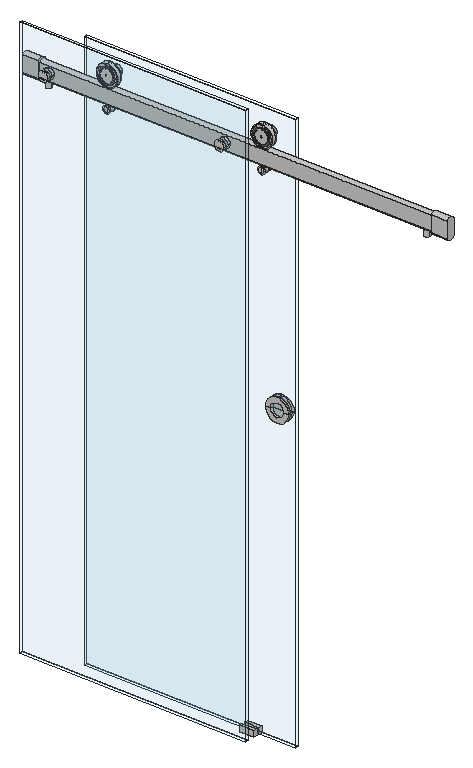
Revit family "Doors_Sliding-Doors_Krownlab_Rorik_Alcove-Sliding-Doors1", category Specialty Equipment, Revit 2017
Family settings
  Round Connector Dimension = Use Diameter
  Part Type = Normal
  OmniClass Number = 23.30.10.24.17
  OmniClass Title = Other Special Purpose Doors
  Work Plane-Based = No
  Always vertical = Yes
  Cut with Voids When Loaded = No
  Shared = No
  Room Calculation Point = No
Parameters (values of type "60 x 80")
  Warning Note Visibility [instance] = yes
  Warning Note [instance] = and(Warning Note Visibility, or(Clear Opening Width > 40", Moving Panel Width > Fixed Panel Width))  # no
  URL = "www.krownlab.com/rorik"
  Track Head Clearance = Moving Panel Height - Roller Distance from Top of Panel - 3 3/4" + 3/8"  # 73 1/4"
  Side-lite Width Control = if([Side-lite Width] = 0", 1", [Side-lite Width] - 1/8")  # 1"
  Side-lite Width = 0"
  Side-lite Overlap = 0"
  Side-lite Outside [instance] = and([Side-lite], Moving Panel Inside)  # no
  Side-lite Inside [instance] = and([Side-lite], Moving Panel Outside)  # no
  Side-lite = [Side-lite Width] > 0"  # no
  Shower Enclosure Width Maximum = "Up to 145” wall to wall"  # constant formula
  Roller Distance Note = if(Roller Distance from Top of Panel < 3", "Minimum 3 Inch distance between top of system and center of roller is required", "Roller Distance from Top Panel Accepted")  # "Roller Distance from Top Panel Accepted"
  Roller Distance from Top of Panel = 3"
  Thcknss_Cntrl = if(Panel Thickness < 3/8", 3/8", if(Panel Thickness > 1/2", 1/2", Panel Thickness))  # 1/2"
  Standard Glass Weights = "3/8” glass weighs ~5lb/sf. ½” glass weighs ~6.5lb/sf"  # constant formula
  Sliding Door System Finish [instance] = Metal - Krownlab - Brushed Stainless
  Shower Enclosure Width = 60"
  Product data url = "https://www.bimobject.com/en-us/krownlab/product/krownlab_rorik"
  Product Guid = "81050c2b-4abd-41d7-b6a0-dd9f5f50d341"
  Panel Weight Warning = Glass Weight Calculation > Maximum Panel Weight  # no
  Panel Thickness = 1/2"
  Panel Size Availability = if(Glass Weight Calculation > Maximum Panel Weight, "Panel size is overweight.", if(Shower Enclosure Width < 46", "Minimum Width of 46 Inches", "Available"))  # "Available"
  Panel Area = Moving Panel Width * Moving Panel Height  # 16.5194 SF
  Moving Panel Projection = 0"
  Moving Panel Outside [instance] = not(Moving Panel Inside)  # no
  Opnng_Dstnc [instance] = if([Opened (%)] < 0, 0", if([Opened (%)] > 100, 0", if(Fixed Panel Width > Moving Panel Width, (Moving Panel Width - Center Overlap - Moving Panel Projection) * (0.01 * [Opened (%)]), (Fixed Panel Width - Center Overlap) * (0.01 * [Opened (%)]))))  # 22.3"
  Moving Panel Width = if([Side-lite], Clear Opening Width + Center Overlap + Moving Panel Projection + [Side-lite Overlap], Clear Opening Width + Center Overlap + Moving Panel Projection + [Side-lite Overlap] - 1/8")  # 29 7/8"
  Moving Panel Height Reduction = 0"
  Moving Panel Height Extension = 0"
  Moving Panel Height = Fixed Panel Height - 3/8" + Moving Panel Height Extension - Moving Panel Height Reduction  # 79 5/8"
  Model = "Rorik Alcove Sliding Door Shower System"
  Maximum Panel Weight = 150.00 lbf  # constant formula
  Manufacturer = "Krownlab"
  Moving Panel Inside [instance] = yes
  Glazing Material [instance] = Glass - Krownlab - Clear Glass
  Glass Weight Calculation = if(Thcknss_Cntrl = 1/2", (Panel Area / 1.00 SF) * 6.50 lbf, if(Thcknss_Cntrl = 3/8", (Panel Area / 1.00 SF) * 5.00 lbf, 0.00 lbf))  # 107.376 lbf
  Fixed Panel Width = Shower Enclosure Width - Clear Opening Width - 1/8" - [Side-lite Width] - Moving Panel Projection  # 31 7/8"
  Fixed Panel Height = 80"
  Edition number = 2
  Edge to Door Pull Center [instance] = 2 1/2"
  Opened (%) [instance] = 80
  Door Pull Option [instance] = Door Pull : Ebba
  Door Pull Finish [instance] = Metal - Krownlab - Brushed Stainless
  Description = "A completely customizable frameless glass sliding door shower system with adjustment features at wall, fixed panel, and door panel attachment points, configurable with up to ADA-compliant 36” clear openings. Made in the USA from high-grade stainless steel and billet aluminum."  # constant formula
  Contact Krownlab = "support@krownlab.com"
  Clear Opening Width Maximum = "Up to 40”"  # constant formula
  Clear Opening Width = 28"
  Clear Opening Note = if(Clear Opening Width > 40", "Clear Opening Width is invalid. Maximum allowed value is 40”", if(Moving Panel Width > Fixed Panel Width, "Clear Opening Width is invalid. Please refer to Actual Clear Opening Width parameter.", "Clear Opening Width Accepted"))  # "Clear Opening Width Accepted"
  Center Overlap Note = if(Center Overlap < 2", "Minimum 2 Inch Center Overlap is Required", "Overlap Accepted")  # "Overlap Accepted"
  Center Overlap = 2"
  Bottom Edge to Door Pull Center [instance] = 42"
  Assembly Code = "C1020"
  Actual Clear Opening Width = if(Moving Panel Width > Fixed Panel Width, Clear Opening Width - (Moving Panel Width - Fixed Panel Width), if(and([Side-lite], Moving Panel Width > Fixed Panel Width), Clear Opening Width - (Moving Panel Width - Fixed Panel Width) - 1/8", if([Side-lite], Clear Opening Width, Clear Opening Width)))  # 28"
Types (5): name | Side-lite Width Control | Side-lite Width | Side-lite Overlap | Side-lite Outside | Side-lite | Thcknss_Cntrl | Shower Enclosure Width | Panel Thickness | Panel Area | Opnng_Dstnc | Moving Panel Width | Glass Weight Calculation | Fixed Panel Width | Clear Opening Width | Actual Clear Opening Width
  (no name) | 1" | 0" | 0" | no | no | 1/2" | 60" | 1/2" | 16.5194 SF | 22.3" | 29 7/8" | 107.376 lbf | 31 7/8" | 28" | 28"
  78 x 80 | 1" | 0" | 0" | no | no | 1/2" | 78" | 1/2" | 22.0489 SF | 30.3" | 39 7/8" | 143.318 lbf | 39 7/8" | 38" | 38"
  72 x 80 | 1" | 0" | 0" | no | no | 1/2" | 72" | 1/2" | 19.8371 SF | 27.1" | 35 7/8" | 128.941 lbf | 37 7/8" | 34" | 34"
  60 x 80 | 1" | 0" | 0" | no | no | 1/2" | 60" | 1/2" | 16.5194 SF | 22.3" | 29 7/8" | 107.376 lbf | 31 7/8" | 28" | 28"
  Create a Custom Size | 31 7/8" | 32" | 2" | yes | yes | 3/8" | 108" | 3/8" | 21.5651 SF | 29.6" | 39" | 107.826 lbf | 40 7/8" | 35" | 35"
Reference planes (in)
  plane 1 "Center (Front/Back)": y = 0
  plane 2: z = 0
  plane 3 "Center (Left/Right)": x = 0
  plane 4: z = 0.375
  plane 5 "Left": x = -29.875
  plane 6 "Right": x = 29.875
  plane 7: z = 74.38753
  plane 8: z = 80
  plane 9 "Opening": x = 7.575
  plane 10 "L": x = -30
  plane 11 "R": x = 30
  plane 12: x = -27.781
  plane 13: x = 27.781
  plane 14: y = 0.6875
  plane 15: z = 72.41202
  plane 16: z = 73.24563
  plane 17 "Arr0w": x = 14.9375
  plane 18 "Arroww": z = 40
  plane 19: z = 77
  plane 20: x = 2
  plane 21: x = 0
  plane 22: x = 29.875
  plane 23: z = 80
  plane 24: z = 42.375
  plane 25: x = 5.075
  plane 26: x = 29.875
Forms (in)
  Sweep 1, solid, material "Metal - Krownlab - Brushed Stainless" <- "Sliding Door System Finish", detail levels medium+fine
    path origin (0, 0, 0) x (1, 0, 0) y (0, 0, 1)
      loop
        line (-27.781, 74.38753) -> (27.781, 74.38753)
    profile origin (0, 0, 74.38753) x (0, 0, 1) y (0, -1, 0)
      loop
        line (-1.02759, -1.09375) -> (1.01196, -1.09375)
        arc (1.01196, -1.09375) -> (1.21778, -0.6875) -> (1.01196, -0.28125) r 0.50385
        line (1.01196, -0.28125) -> (-1.02759, -0.28125)
        arc (-1.02759, -0.28125) -> (-1.23341, -0.6875) -> (-1.02759, -1.09375) r 0.50385
  Extrusion 2, solid, material "Metal - Krownlab - Brushed Stainless" <- "Sliding Door System Finish", detail levels medium+fine
    sketch origin (0, 0, 0) x (0, 1, 0) y (0, 0, 1)
      loop
        arc (1.24, 75.52147) -> (0.6875, 75.79009) -> (0.135, 75.52147) r 0.7025
        line (0.135, 75.52147) -> (0.135, 73.23668)
        arc (0.135, 73.23668) -> (0.6875, 72.96806) -> (1.24, 73.23668) r 0.7025
        line (1.24, 73.23668) -> (1.24, 75.52147)
    from -30 to -27.781
  Extrusion 3, solid, material "Metal - Krownlab - Brushed Stainless" <- "Sliding Door System Finish", detail levels medium+fine
    sketch origin (0, 0, 3.5) x (0, 1, 0) y (0, 0, 1)
      loop
        arc (1.24, 72.02147) -> (0.6875, 72.29009) -> (0.135, 72.02147) r 0.7025
        line (0.135, 72.02147) -> (0.135, 69.73668)
        arc (0.135, 69.73668) -> (0.6875, 69.46806) -> (1.24, 69.73668) r 0.7025
        line (1.24, 69.73668) -> (1.24, 72.02147)
    from 27.781 to 30
  Sweep 4, solid, material "Metal - Krownlab - Brushed Stainless" <- "Sliding Door System Finish", detail levels coarse
    path origin (0, 0, 0) x (1, 0, 0) y (0, 0, 1)
      loop
        line (-30, 74.41016) -> (30, 74.41016)
    profile origin (0, 0, 74.41016) x (0, 0, 1) y (0, -1, 0)
      loop
        line (1.11328, -0.135) -> (-1.16453, -0.135) -> (-1.16453, -1.24) -> (1.11328, -1.24) -> (1.11328, -0.135)
  Extrusion 5, solid, material "Metal - Krownlab - Brushed Stainless" <- "Sliding Door System Finish", detail levels medium+fine
    sketch origin (0, 0, 0) x (1, 0, 0) y (0, 1, 0)
      loop
        circle (-26.72811, 0.67597) r 0.35337
    from 72.41202 to 73.24563
  Extrusion 6, solid, material "Metal - Krownlab - Brushed Stainless" <- "Sliding Door System Finish", detail levels medium+fine
    sketch origin (0, 0, 0) x (-1, 0, 0) y (0, -1, 0)
      loop
        circle (-26.72811, -0.67597) r 0.35337
    from 72.41202 to 73.24563
Cuts and joins
  joined: Sweep 1, Extrusion 5, Extrusion 6
Lines and regions (in)
  symbolic lines, style "SpecialityEquipmentHiddenLines"
    curve 1: line (-30, 1.24, 0) -> (30, 1.24, 0)
    curve 2: line (-30, 0.135, 0) -> (-30, 1.24, 0)
    curve 3: line (30, 0.135, 0) -> (-30, 0.135, 0)
    curve 4: line (30, 1.24, 0) -> (30, 0.135, 0)
Dimensions and locks (in)
  plane 4 to plane 2 = 3/8"
  "Fixed Panel Height": plane 8 to plane 2
  plane 12 to plane 5 "Left" to plane 10 "L" = 2.094" locked, 1/8" locked
  plane 11 "R" to plane 6 "Right" to plane 13 = 1/8" locked, 2.094" locked
  plane 14 to plane 1 "Center (Front/Back)" = 11/16"
  Sweep 4 sketch curve to plane 14 to Sweep 4 sketch curve = 0.5525" locked, 0.5525" locked
  Sweep 4 sketch curve to plane 7 to Sweep 4 sketch curve = 1.1419" locked, 1.13591" locked
  Extrusion 2 sketch curve to plane 14 to Extrusion 2 sketch curve = 0.5525" locked, 0.5525" locked
  Extrusion 3 sketch curve to plane 14 to Extrusion 3 sketch curve = 0.5525" locked, 0.5525" locked
  Sweep 1 sketch curve to plane 14 to Sweep 1 sketch curve = 13/32" locked, 13/32" locked
  plane 7 to plane 16 to plane 15 = 1.1419" locked, 0.83362" locked
  locked: plane 1 "Center (Front/Back)" to Extrusion 6 sketch curve at 0.67597
  locked: plane 5 "Left" to Extrusion 5 sketch curve at 3.14689
  locked: plane 1 "Center (Front/Back)" to Extrusion 5 sketch curve at 0.67597
  locked: Extrusion 6 sketch curve to plane 6 "Right" at 3.14689
  equal spacing: plane 8, plane 18 "Arroww", plane 2
  locked: plane 19 to plane 7 at 2.61247
  "Roller Distance from Top of Panel": plane 23 to plane 19
  "Fixed Panel Width": plane 20 to plane 5 "Left"
  "Center Overlap": plane 20 to plane 21
  "Moving Panel Width": plane 22 to plane 21
  "Shower Enclosure Width": plane 11 "R" to plane 10 "L"
  equal spacing: plane 11 "R", plane 3 "Center (Left/Right)", plane 10 "L"
  equal spacing: plane 22, plane 17 "Arr0w", plane 21
  "Moving Panel Height": plane 23 to plane 4
  "Bottom Edge to Door Pull Center": plane 24 to plane 4
  "Edge to Door Pull Center": plane 9 "Opening" to plane 25
  locked: plane 26 to plane 22
  "Opnng_Dstnc": plane 26 to plane 9 "Opening"
  aligned and locked: plane 2 to level
  aligned and locked: plane 4 to nested 2
  aligned and locked: plane 2 to nested 1
  aligned and locked: nested 1 to plane 5 "Left"
  aligned and locked: plane 7 to Sweep 1 sketch curve
  aligned and locked: Extrusion 2 to plane 10 "L"
  aligned and locked: plane 12 to Extrusion 2
  aligned and locked: plane 12 to Sweep 1 sketch curve
  aligned and locked: plane 13 to Sweep 1 sketch curve
  aligned and locked: Extrusion 3 to plane 11 "R"
  aligned and locked: Extrusion 3 to plane 13
  aligned and locked: plane 10 "L" to Sweep 4 sketch curve
  aligned and locked: Sweep 4 sketch curve to nested 1
  aligned and locked: plane 11 "R" to Sweep 4 sketch curve
  aligned and locked: nested 1 to plane 1 "Center (Front/Back)"
  aligned and locked: plane 15 to Extrusion 5
  aligned and locked: Extrusion 5 to plane 16
  aligned and locked: plane 15 to Extrusion 6
  aligned and locked: Extrusion 6 to plane 16
  aligned and locked: plane 10 "L" to curve 2
  aligned and locked: plane 11 "R" to curve 4
  aligned and locked: plane 17 "Arr0w" to nested 3
  aligned and locked: plane 17 "Arr0w" to nested 4
  aligned and locked: plane 18 "Arroww" to nested 4
  aligned and locked: nested 1 to plane 14
  aligned and locked: level to nested 5
  aligned and locked: nested 2 to plane 21
  aligned and locked: nested 5 to plane 21
  aligned and locked: plane 6 "Right" to nested 6
  aligned and locked: level to nested 6
  aligned and locked: nested 6 to plane 14
  aligned and locked: nested 7 to plane 14
  aligned and locked: plane 4 to nested 7
  aligned and locked: plane 9 "Opening" to nested 7
  aligned and locked: plane 25 to nested 8
  aligned and locked: plane 25 to nested 9
  aligned and locked: plane 24 to nested 9
  aligned and locked: plane 24 to nested 8
  aligned and locked: plane 3 "Center (Left/Right)" to nested 10
  aligned and locked: plane 3 "Center (Left/Right)" to nested 11
Automatic sketch dimensions
  profile plane to Sweep 1 sketch curve = 1.02759"
  Sweep 1 sketch curve to Sweep 1 sketch curve = 0"
  Sweep 1 sketch curve to Sweep 1 sketch curve = 0.29803"  (x3)
  Sweep 1 sketch curve to profile plane = 0.71393"
  Extrusion 2 sketch curve to plane 14 = 0"  (x2)
  plane 16 to Extrusion 2 sketch curve = 0.00895"
  Extrusion 2 sketch curve to plane 16 = 0.42492"
  Extrusion 2 sketch curve to plane 7 = 0.70007"
  Extrusion 2 sketch curve to Extrusion 2 sketch curve = 0.43388"
  Extrusion 3 sketch curve to plane 14 = 0"  (x2)
  plane 16 to Extrusion 3 sketch curve = 0.00895"
  Extrusion 3 sketch curve to plane 16 = 0.42492"
  Extrusion 3 sketch curve to plane 7 = 0.70007"
  Extrusion 3 sketch curve to Extrusion 3 sketch curve = 0.43388"
  curve 1 to plane 14 = 0.5525"
  curve 3 to plane 1 "Center (Front/Back)" = 0.135"
  radius of Extrusion 5 sketch curve = 0.35337"
  radius of Extrusion 6 sketch curve = 0.35337"
Nested families (in)
  nested 1: "Krownlab Rorik Fixed Panel" at (-13.9375, -0.5, 0), Panel Width <- "Fixed Panel Width", Panel Thickness <- "Thcknss_Cntrl", Fixed Panel Height <- "Fixed Panel Height", Guide Hardware <- "Sliding Door System Finish", Handpull <- "Door Pull Finish", Mount System Finish <- "Sliding Door System Finish", Panel Material <- "Glazing Material", Inside Moving Panel <- "Moving Panel Inside", Outside Moving Panel <- "Moving Panel Outside", type "Rorik Panel"
    with Trolley Distance from Edge 3 1/2", Panel Width 31 7/8", Panel Thickness 1/2", Panel Material Glass - Krownlab - Clear Glass, Outside Moving Panel no, Mount System Finish Metal - Krownlab - Brushed Stainless, Inside Moving Panel yes, Handpull Metal - Krownlab - Brushed Stainless, Guide Hardware Metal - Krownlab - Brushed Stainless, Fixed Panel Height 80", Moving Panel Height 79 5/8"
  nested 2: "Krownlab Bottom Guides" at (0, -0.02651, 0), Guide Hardware <- "Sliding Door System Finish", visible <- "Moving Panel Outside", type "Rorik Panel"
    with Guide Hardware Metal - Krownlab - Brushed Stainless
  nested 3: "Opening Direction Detail" at (14.9375, -2.66667, 0) x (-1, 0, 0) z (0, 0, 1), type "Opening Direction Detail"
  nested 4: "Opening Direction Detail" at (14.9375, 0, 40) x (-1, 0, 0) z (0, -1, 0), type "Opening Direction Detail"
  nested 5: "Krownlab Bottom Guides" at (0, 1.91115, 0), Guide Hardware <- "Sliding Door System Finish", visible <- "Moving Panel Inside", type "Rorik Panel"
    with Guide Hardware Metal - Krownlab - Brushed Stainless
  nested 6: "Krownlab Rorik Fixed Panel" at (29.375, -0.5, 0), Inside Moving Panel <- "Moving Panel Inside", Outside Moving Panel <- "Moving Panel Outside", Panel Width <- "Side-lite Width Control", Panel Thickness <- "Panel Thickness", Fixed Panel Height <- "Fixed Panel Height", visible <- "Side-lite", Guide Hardware <- "Sliding Door System Finish", Mount System Finish <- "Sliding Door System Finish", Panel Material <- "Glazing Material", type "Rorik Panel"
    with Trolley Distance from Edge 3 1/2", Panel Width 1", Panel Thickness 1/2", Panel Material Glass - Krownlab - Clear Glass, Outside Moving Panel no, Mount System Finish Metal - Krownlab - Brushed Stainless, Inside Moving Panel yes, Handpull none, Guide Hardware Metal - Krownlab - Brushed Stainless, Fixed Panel Height 80", Moving Panel Height 79 5/8"
  nested 7: "Krownlab Rorik Moving Panel" at (-7.3625, 1.41115, 0.375), Guide Hardware <- "Sliding Door System Finish", Mount System Finish <- "Sliding Door System Finish", Panel Material <- "Glazing Material", Panel Width <- "Moving Panel Width", Panel Thickness <- "Thcknss_Cntrl", Inside Moving Panel <- "Moving Panel Inside", type "Rorik Panel"
    with Trolley Distance from Edge 4", Panel Width 29 7/8", Panel Thickness 1/2", Panel Material Glass - Krownlab - Clear Glass, Outside Moving Panel no, Mount System Finish Metal - Krownlab - Brushed Stainless, Inside Moving Panel yes, Handpull Metal - Krownlab - Brushed Stainless, Guide Hardware Metal - Krownlab - Brushed Stainless, Door Pull from Edge 2 1/2", Door Pull from Bottom 42"
  nested 8: "Door Pull" at (5.075, 1.41115, 42.375) x (1, 0, 0) z (0, -1, 0), visible <- "Moving Panel Inside", type <- "Door Pull Option", type "Ebba"
    with Single Sided no, Inger Void 0", Ebba Void 1/2", Double sided yes, Asta Void 0", Panel Thickness 1/2"
  nested 9: "Door Pull" at (5.075, -0.52651, 42.375) x (1, 0, 0) z (0, -1, 0), visible <- "Moving Panel Outside", type <- "Door Pull Option", type "Ebba"
    with Single Sided no, Inger Void 0", Ebba Void 1/2", Double sided yes, Asta Void 0", Panel Thickness 1/2"
  nested 10: "Krownlab Warning" at (0, -10.09216, 0), visible <- "Warning Note", type "Krownlab Warning"
  nested 11: "Krownlab Warning 3" at (0, 17.30362, 0), visible <- "Panel Weight Warning", type "Krownlab Warning 3"
Definition of nested family "Krownlab Rorik Fixed Panel"
  Parameters (values of type "Rorik Panel")
    Trolley Distance from Edge [instance] = 3 1/2"
    Top to Roller Center = 3"
    Panel Width [instance] = 35"
    Panel Thickness [instance] = 1/2"
    Panel Material [instance] = none
    Outside Moving Panel [instance] = yes
    Moving Panel Height = 88 3/8"
    Mount System Finish [instance] = none
    Inside Moving Panel [instance] = yes
    Handpull [instance] = none
    Guide Hardware [instance] = none
    Fixed Panel Height [instance] = 77 3/8"
  Reference planes (in)
    plane 1 "Center (Front/Back)": y = 0
    plane 2: z = 0
    plane 3 "Center (Left/Right)": x = 0
    plane 4: z = 77.375
    plane 5: x = 17.5
    plane 6: x = -17.5
    plane 7: y = 0
    plane 8: y = 0.5
    plane 9: z = 0
    plane 10: x = -14
    plane 11: x = 14
    plane 12 "Track centerline": z = 83.16016
    plane 13: y = -0.25
    plane 14: y = 0.75
    plane 15: z = 85.75
    plane 16: y = 1.1875
    plane 17: y = 2.375
    plane 18: y = 1.875
    plane 19: z = 88.75
    plane 20: z = 0.375
  Forms (in)
    Extrusion 1, solid, material <- "Panel Material", visible <- "Inside Moving Panel"
      sketch origin (0, 0, 0) x (1, 0, 0) y (0, 1, 0)
        loop
          line (-17.5, 0) -> (17.5, 0) -> (17.5, 0.5) -> (-17.5, 0.5) -> (-17.5, 0)
      from 0 to 77.375
    Extrusion 2, solid, material <- "Mount System Finish", visible <- "Inside Moving Panel"
      sketch origin (0, 0, 0) x (1, 0, 0) y (0, 0, 1)
        loop
          circle (-14, 83.16016) r 0.67114
        loop
          circle (14, 83.16016) r 0.67114
      from 0 to 0.25
    Extrusion 3, solid, material <- "Mount System Finish", visible <- "Inside Moving Panel"
      sketch origin (0, 0, 0) x (1, 0, 0) y (0, 0, 1)
        loop
          circle (14, 83.16016) r 0.67114
        loop
          circle (-14, 83.16016) r 0.67114
      from -0.5 to -0.75
    Extrusion 4, solid, material <- "Panel Material", visible <- "Outside Moving Panel"
      sketch origin (0, 0, 0) x (1, 0, 0) y (0, 1, 0)
        loop
          line (-17.5, 2.375) -> (-17.5, 1.875) -> (17.5, 1.875) -> (17.5, 2.375) -> (-17.5, 2.375)
      from 0 to 77.375
    Revolve 5, solid, material <- "Mount System Finish", visible <- "Outside Moving Panel"
      sketch origin (-36.0566, -180, 83.16016) x (-1, 0, 0) y (0, -1, 0)
        loop
          line (-22.0566, -181.875) -> (-22.0566, -181.625) -> (-22.72774, -181.625) -> (-22.72774, -181.875) -> (-22.0566, -181.875)
        loop
          line (-22.0566, -182.375) -> (-22.72774, -182.375) -> (-22.72774, -182.625) -> (-22.0566, -182.625) -> (-22.0566, -182.375)
        axis (-22.0566, -182.625) -> (-22.0566, -181.625)
      angle from 0 to 360
    Revolve 6, solid, material <- "Mount System Finish", visible <- "Outside Moving Panel"
      sketch origin (-36.0566, -180, 83.16016) x (-1, 0, 0) y (0, -1, 0)
        loop
          line (-50.0566, -181.875) -> (-50.0566, -181.625) -> (-50.72774, -181.625) -> (-50.72774, -181.875) -> (-50.0566, -181.875)
        loop
          line (-50.0566, -182.375) -> (-50.72774, -182.375) -> (-50.72774, -182.625) -> (-50.0566, -182.625) -> (-50.0566, -182.375)
        axis (-50.0566, -182.625) -> (-50.0566, -181.625)
      angle from 0 to 360
  Lines and regions (in)
    Masking region 1, visible <- "Inside Moving Panel"
      outline origin (0, 0, 0) x (1, 0, 0) y (0, 1, 0)
        loop
          line (17.5, 0.5) -> (-17.5, 0.5) -> (-17.5, 0) -> (17.5, 0) -> (17.5, 0.5)
    Masking region 2, visible <- "Outside Moving Panel"
      outline origin (0, 0, 0) x (1, 0, 0) y (0, 1, 0)
        loop
          line (17.5, 2.375) -> (-17.5, 2.375) -> (-17.5, 1.875) -> (17.5, 1.875) -> (17.5, 2.375)
  Dimensions and locks (in)
    "Panel Thickness": plane 8 to plane 7
    "Fixed Panel Height": plane 4 to level
    "Panel Width": plane 6 to plane 5
    "Trolley Distance from Edge": plane 6 to plane 10
    "Trolley Distance from Edge": plane 5 to plane 11
    locked: plane 7 to plane 13 at 0.25
    locked: plane 14 to plane 8 at 0.25
    locked: plane 15 to plane 12 "Track centerline" at 2.58984
    "Top to Roller Center": plane 19 to plane 15
    equal spacing: plane 6, plane 3 "Center (Left/Right)", plane 5
    locked: plane 16 to plane 8 at 0.6875
    locked: plane 18 to plane 16 at 0.6875
    "Panel Thickness": plane 18 to plane 17
    Revolve 5 sketch curve to Revolve 5 sketch curve to Revolve 5 sketch curve = 0.67114" locked, 0" locked
    locked: plane 17 to Revolve 5 sketch curve at 0.25
    locked: Revolve 5 sketch curve to plane 18 at 0.25
    locked: Revolve 6 sketch curve to plane 18 at 0.25
    locked: plane 17 to Revolve 6 sketch curve at 0.25
    locked: Revolve 6 sketch curve to Revolve 6 sketch curve at 0.67114  (x2)
    "Moving Panel Height": plane 19 to plane 20
    locked: plane 20 to level at 0.375
    aligned and locked: plane 2 to level
    aligned and locked: Extrusion 1 sketch curve to plane 7
    aligned and locked: Extrusion 1 sketch curve to plane 8
    aligned and locked: Extrusion 1 sketch curve to plane 6
    aligned and locked: Extrusion 1 sketch curve to plane 5
    aligned and locked: plane 4 to Extrusion 1
    aligned and locked: Extrusion 1 to level
    aligned and locked: plane 7 to Extrusion 2
    aligned and locked: plane 13 to Extrusion 2
    aligned and locked: plane 10 to Extrusion 2 sketch curve
    aligned and locked: plane 12 "Track centerline" to Extrusion 2 sketch curve  (x2)
    aligned and locked: plane 11 to Extrusion 2 sketch curve
    aligned and locked: plane 12 "Track centerline" to Extrusion 3 sketch curve  (x2)
    aligned and locked: plane 11 to Extrusion 3 sketch curve
    aligned and locked: plane 10 to Extrusion 3 sketch curve
    aligned and locked: Extrusion 3 to plane 8
    aligned and locked: Extrusion 3 to plane 14
    aligned and locked: plane 17 to Extrusion 4 sketch curve
    aligned and locked: Extrusion 4 sketch curve to plane 6
    aligned and locked: plane 18 to Extrusion 4 sketch curve
    aligned and locked: Extrusion 4 sketch curve to plane 5
    aligned and locked: Revolve 5 sketch curve to plane 10
    aligned and locked: Revolve 5 sketch curve to plane 17
    aligned and locked: Revolve 5 sketch curve to plane 18
    aligned and locked: Revolve 5 sketch curve to Revolve 5 sketch curve  (x2)
    aligned and locked: Revolve 6 sketch curve to Revolve 6 sketch curve  (x2)
    aligned and locked: Revolve 6 sketch curve to plane 11
    aligned and locked: Revolve 6 sketch curve to plane 17
    aligned and locked: Revolve 6 sketch curve to plane 18
    aligned and locked: plane 4 to Extrusion 4
    aligned and locked: Extrusion 4 to level
    aligned and locked: Extrusion 1 to plane 4
    aligned and locked: Masking region 1 sketch curve to Extrusion 1  (x4)
    aligned and locked: Masking region 2 sketch curve to Extrusion 4  (x4)
  Automatic sketch dimensions
    Revolve 5 sketch curve to Revolve 5 sketch curve = 4.56458"
    Revolve 5 sketch curve to plane 13 = 12.63258"
    Revolve 6 sketch curve to Revolve 6 sketch curve = 4.56458"
    Revolve 6 sketch curve to plane 13 = 12.63258"
    radius of Extrusion 2 sketch curve = 0.67114"  (x2)
    radius of Extrusion 3 sketch curve = 0.67114"  (x2)
Definition of nested family "Krownlab Bottom Guides"
  Parameters (values of type "Rorik Panel")
    Thickness = 3/8"
    Guide Hardware [instance] = none
    Analytic Construction = "<None>"
  Reference planes (in)
    plane 1 "Center (Front/Back)": y = 0
    plane 2: z = 0
    plane 3 "Center (Left/Right)": x = 0
    plane 4: y = -0.375
    plane 5: z = 0.375
    plane 6: x = 1.00044
  Forms (in)
    Extrusion 1, solid, material <- "Guide Hardware"
      sketch origin (0, 0, 0) x (0, 1, 0) y (0, 0, 1)
        loop
          line (0.4275, 0) -> (0.4275, 0.8375) -> (0, 0.8375) -> (0, 0.168) -> (-0.375, 0.168) -> (-0.375, 0.8375) -> (-0.8025, 0.8375) -> (-0.8025, 0) -> (0.4275, 0)
      from 0 to 2.00089
  Dimensions and locks (in)
    locked: Extrusion 1 to Extrusion 1 at 2.00089
    plane 4 to Extrusion 1 sketch curve = 0.4275"
    "Thickness": plane 1 "Center (Front/Back)" to plane 4
    locked: plane 2 to plane 5 at 0.375
    equal spacing: Extrusion 1, plane 6, plane 3 "Center (Left/Right)"
    aligned and locked: plane 2 to level
    aligned and locked: Extrusion 1 to plane 2
  Automatic sketch dimensions
    Extrusion 1 sketch curve to plane 4 = 0"
    Extrusion 1 sketch curve to plane 1 "Center (Front/Back)" = 0"
    Extrusion 1 sketch curve to level = 0"
    Extrusion 1 sketch curve to plane 1 "Center (Front/Back)" = 0.4275"
    level to Extrusion 1 sketch curve = 0.168"
    plane 5 to Extrusion 1 sketch curve = 0.4625"  (x2)
Definition of nested family "Krownlab Rorik Moving Panel"
  Parameters (values of type "Rorik Panel")
    Trolley Distance from Edge [instance] = 4"
    Top to Roller Center = 3"
    Panel Width [instance] = 35"
    Panel Thickness [instance] = 1/2"
    Panel Material [instance] = none
    Panel Height = 79 5/8"
    Outside Moving Panel [instance] = not(Inside Moving Panel)  # no
    Mount System Finish [instance] = none
    Inside Moving Panel [instance] = yes
    Handpull [instance] = none
    Guide Hardware [instance] = none
    Door Pull from Edge [instance] = 2 1/2"
    Door Pull from Bottom [instance] = 42"
  Reference planes (in)
    plane 1 "Center (Front/Back)": y = 0
    plane 2: z = 0
    plane 3 "Center (Left/Right)": x = 0
    plane 4: z = 79.625
    plane 5: x = 17.5
    plane 6: x = -17.5
    plane 7: y = 0
    plane 8: y = 0.5
    plane 9: z = 0
    plane 10: x = -13.5
    plane 11: x = 13.5
    plane 12 "Track centerline": z = 73.90991
    plane 13: z = 76.5
    plane 14: z = 72.2475
    plane 15 "Handle Distance": x = 15
    plane 16 "Handle Height": z = 42
    plane 17: z = 77.98909
    plane 18: y = -1.93766
    plane 19: y = -0.72365
    plane 20: y = -1.43766
    plane 21: z = 79.5
  Forms (in)
    Extrusion 1, solid, material <- "Panel Material", visible <- "Inside Moving Panel"
      sketch origin (0, 0, 0) x (1, 0, 0) y (0, 1, 0)
        loop
          line (-17.5, 0) -> (17.5, 0) -> (17.5, 0.5) -> (-17.5, 0.5) -> (-17.5, 0)
      from 0 to 79.625
    Extrusion 2, solid, material <- "Panel Material", visible <- "Outside Moving Panel"
      sketch origin (0, 0, 0) x (1, 0, 0) y (0, 1, 0)
        loop
          line (-17.5, -1.93766) -> (17.5, -1.93766) -> (17.5, -1.43766) -> (-17.5, -1.43766) -> (-17.5, -1.93766)
      from 0 to 79.625
  Lines and regions (in)
    Masking region 1, visible <- "Outside Moving Panel"
      outline origin (0, 0, 0) x (1, 0, 0) y (0, 1, 0)
        loop
          line (-17.5, -1.93766) -> (17.5, -1.93766) -> (17.5, -1.43766) -> (-17.5, -1.43766) -> (-17.5, -1.93766)
    Masking region 2, visible <- "Inside Moving Panel"
      outline origin (0, 0, 0) x (1, 0, 0) y (0, 1, 0)
        loop
          line (-17.5, 0) -> (17.5, 0) -> (17.5, 0.5) -> (-17.5, 0.5) -> (-17.5, 0)
  Dimensions and locks (in)
    "Panel Thickness": plane 8 to plane 7
    "Panel Width": plane 6 to plane 5
    "Trolley Distance from Edge": plane 6 to plane 10
    "Trolley Distance from Edge": plane 5 to plane 11
    plane 13 to plane 12 "Track centerline" to plane 14 = 2.59009" locked, 1.66242" locked
    "Door Pull from Bottom": plane 16 "Handle Height" to plane 9
    "Door Pull from Edge": plane 5 to plane 15 "Handle Distance"
    "Panel Height": plane 4 to level
    locked: plane 17 to plane 13 at 1.48909
    equal spacing: plane 6, plane 3 "Center (Left/Right)", plane 5
    "Top to Roller Center": plane 21 to plane 13
    locked: plane 7 to plane 19 at 0.72365
    "Panel Thickness": plane 20 to plane 18
    locked: plane 19 to plane 20 at 0.71401
    locked: plane 4 to plane 21 at 0.125
    aligned and locked: plane 2 to level
    aligned and locked: Extrusion 1 sketch curve to plane 7
    aligned and locked: Extrusion 1 sketch curve to plane 8
    aligned and locked: Extrusion 1 sketch curve to plane 6
    aligned and locked: Extrusion 1 sketch curve to plane 5
    aligned and locked: plane 4 to Extrusion 1
    aligned and locked: Extrusion 1 to level
    aligned and locked: plane 10 to nested 1
    aligned and locked: plane 11 to nested 2
    aligned and locked: nested 1 to plane 7
    aligned and locked: nested 2 to plane 7
    aligned and locked: plane 12 "Track centerline" to nested 1
    aligned and locked: plane 12 "Track centerline" to nested 2
    aligned and locked: Extrusion 2 sketch curve to plane 6
    aligned and locked: plane 18 to Extrusion 2 sketch curve
    aligned and locked: Extrusion 2 sketch curve to plane 5
    aligned and locked: nested 3 to plane 10
    aligned and locked: plane 12 "Track centerline" to nested 3
    aligned and locked: plane 12 "Track centerline" to nested 4
    aligned and locked: nested 4 to plane 11
    aligned and locked: Extrusion 2 to plane 20
    aligned and locked: nested 3 to nested 1
    aligned and locked: nested 4 to nested 3
    aligned and locked: plane 4 to Extrusion 2
    aligned and locked: Masking region 1 sketch curve to Extrusion 2  (x4)
    aligned and locked: Masking region 2 sketch curve to Extrusion 1  (x4)
  Automatic sketch dimensions
    plane 1 "Center (Front/Back)" to Extrusion 2 sketch curve = 1.43766"
  Nested families (in)
    nested 1: "Rorik Hardware" at (-13.5, 0.03937, 73.90991), visible <- "Inside Moving Panel", type "Rorik Hardware"
    nested 2: "Rorik Hardware" at (13.5, 0.03937, 73.90991), visible <- "Inside Moving Panel", type "Rorik Hardware"
    nested 3: "Rorik Hardware" at (-13.5, -1.47703, 73.90991) x (-1, 0, 0) z (0, 0, 1), visible <- "Outside Moving Panel", type "Rorik Hardware"
    nested 4: "Rorik Hardware" at (13.5, -1.47703, 73.90991) x (-1, 0, 0) z (0, 0, 1), visible <- "Outside Moving Panel", type "Rorik Hardware"
  Definition of nested family "Rorik Hardware"
    Parameters (values of type "Baldur Hardware")
      Thickness = 3/8"
      Mount System Finish = none
      Analytic Construction = "<None>"
    Reference planes (in)
      plane 1 "Center (Front/Back)": y = -0.03937
      plane 2: z = 0
      plane 3 "Center (Left/Right)": x = 0
      plane 4: z = 2.59009
      plane 5: y = 0.33563
      plane 6: z = -1.66242
    Forms (in)
      Extrusion 1, solid, detail levels medium+fine
        sketch origin (0, -0.03937, 0) x (1, 0, 0) y (0, 0, 1)
          loop
            circle (0, 2.59009) r 1.22673
          loop
            circle (0, 2.59009) r 0.9134
        from 0.41952 to 1.01814
      Extrusion 2, solid, material <- "Mount System Finish", detail levels medium+fine
        sketch origin (0, -0.03937, 0) x (1, 0, 0) y (0, 0, 1)
          loop
            circle (0, 2.59009) r 0.9134
          loop
            circle (0, 2.59009) r 0.09009
        from 0.3645 to 1.07316
      Revolve 3, solid, material <- "Mount System Finish", detail levels medium+fine
        sketch origin (0, 0, 0) x (0, 1, 0) y (0, 0, 1)
          loop
            line (-1.11253, 1.36336) -> (-1.11253, 1.13538)
            arc (-1.11253, 1.13538) -> (-1.09455, 1.10294) -> (-1.05751, 1.101) r 0.03825
            arc (-1.05751, 1.101) -> (-0.7582, 1.20191) -> (-0.45889, 1.101) r 0.49433
            arc (-0.45889, 1.101) -> (-0.42185, 1.10294) -> (-0.40387, 1.13538) r 0.03825
            line (-0.40387, 1.13538) -> (-0.40387, 1.36336) -> (-1.11253, 1.36336)
          axis (-1.11253, 2.59009) -> (-0.40387, 2.59009)
        angle from 0 to 360
      Extrusion 4, solid, material <- "Mount System Finish", detail levels coarse
        sketch origin (0, -0.03937, 0) x (1, 0, 0) y (0, 0, 1)
          loop
            circle (0, 2.59009) r 1.48909
        from 0.3645 to 1.07316
      Extrusion 5, solid, material <- "Mount System Finish"
        sketch origin (0, -0.03937, 0) x (1, 0, 0) y (0, 0, 1)
          loop
            circle (0, 2.59009) r 0.69755
        from 0 to 0.3645
      Extrusion 6, solid, material <- "Mount System Finish"
        sketch origin (0, -0.03937, 0) x (1, 0, 0) y (0, 0, 1)
          loop
            circle (0, 2.59009) r 0.69755
        from -0.60187 to -0.375
      Extrusion 7, solid, material <- "Mount System Finish"
        sketch origin (0, -0.03937, 0) x (1, 0, 0) y (0, 0, 1)
          loop
            circle (0, -1.66242) r 0.48386
        from -0.375 to -0.6025
      Revolve 8, solid, material <- "Mount System Finish", detail levels medium+fine
        sketch origin (0, 0, -4.75) x (0, 1, 0) y (0, 0, 1)
          loop
            line (-1.15351, 3.08758) -> (-1.15351, 2.63737)
            arc (-1.15351, 2.63737) -> (-1.13553, 2.60493) -> (-1.09849, 2.60299) r 0.03825
            arc (-1.09849, 2.60299) -> (-0.75572, 2.71547) -> (-0.41329, 2.60198) r 0.57588
            line (-0.41329, 2.60198) -> (-0.03937, 2.60198) -> (-0.03937, 3.08758) -> (-1.15351, 3.08758)
          axis (-1.15351, 3.08758) -> (-0.03937, 3.08758)
        angle from 0 to 360
      Extrusion 9, solid, material <- "Mount System Finish"
        sketch origin (0, -0.03937, 0) x (1, 0, 0) y (0, 0, 1)
          loop
            circle (0, -1.66242) r 0.25
          loop
            circle (0, 2.59009) r 0.25
        from -0.375 to 0
      Extrusion 10, solid, material <- "Mount System Finish", detail levels coarse
        sketch origin (0, -0.03937, 0) x (1, 0, 0) y (0, 0, 1)
          loop
            circle (0, -1.66242) r 0.48561
        from 0 to 1.11512
    Dimensions and locks (in)
      locked: plane 4 to plane 2 at 2.59009
      locked: Extrusion 6 to plane 5 at 0.22687
      "Thickness": plane 5 to plane 1 "Center (Front/Back)"
      locked: plane 2 to plane 6 at 1.66242
      locked: Extrusion 7 to plane 5 at 0.2275
      aligned and locked: plane 2 to level
      aligned and locked: plane 4 to Extrusion 1 sketch curve
      aligned and locked: plane 3 "Center (Left/Right)" to Extrusion 1 sketch curve
      aligned and locked: plane 4 to Extrusion 2 sketch curve  (x2)
      aligned and locked: plane 3 "Center (Left/Right)" to Extrusion 2 sketch curve  (x2)
      aligned and locked: plane 4 to Extrusion 4 sketch curve
      aligned and locked: plane 3 "Center (Left/Right)" to Extrusion 4 sketch curve
      aligned and locked: plane 4 to Extrusion 5 sketch curve
      aligned and locked: plane 3 "Center (Left/Right)" to Extrusion 5 sketch curve
      aligned and locked: plane 4 to Extrusion 6 sketch curve
      aligned and locked: plane 3 "Center (Left/Right)" to Extrusion 6 sketch curve
      aligned and locked: Extrusion 6 to plane 5
      aligned and locked: plane 6 to Extrusion 7 sketch curve
      aligned and locked: plane 3 "Center (Left/Right)" to Extrusion 7 sketch curve
      aligned and locked: Extrusion 7 to plane 5
      aligned and locked: plane 6 to Revolve 8 sketch curve
      aligned and locked: plane 3 "Center (Left/Right)" to Extrusion 9 sketch curve  (x2)
      aligned and locked: plane 6 to Extrusion 9 sketch curve
      aligned and locked: plane 5 to Extrusion 9
      aligned and locked: plane 1 "Center (Front/Back)" to Extrusion 9
      aligned and locked: plane 4 to Extrusion 9 sketch curve
      aligned and locked: plane 6 to Extrusion 10 sketch curve
      aligned and locked: plane 3 "Center (Left/Right)" to Extrusion 10 sketch curve
      aligned and locked: Extrusion 10 to plane 1 "Center (Front/Back)"
    Automatic sketch dimensions
      Extrusion 1 sketch curve to Extrusion 1 sketch curve = 0"  (x2)
      Revolve 3 sketch curve to plane 4 = 0"
      plane 1 "Center (Front/Back)" to Revolve 3 sketch curve = 1.07316"
      Revolve 3 sketch curve to Revolve 3 sketch curve = 0.03825"  (x2)
      Revolve 3 sketch curve to Revolve 3 sketch curve = 0.31608"
      plane 1 "Center (Front/Back)" to Revolve 3 sketch curve = 0.40275"
      Revolve 3 sketch curve to plane 4 = 1.22673"
      Revolve 3 sketch curve to Revolve 3 sketch curve = 0.22798"  (x2)
      Revolve 3 sketch curve to Revolve 3 sketch curve = 0.4278"
      Revolve 3 sketch curve to Revolve 3 sketch curve = 0.79587"
      Revolve 3 sketch curve to Revolve 3 sketch curve = 0.01677"
      Revolve 3 sketch curve to plane 5 = 0.17815"
      Revolve 8 sketch curve to plane 6 = 0"
      Revolve 8 sketch curve to plane 1 "Center (Front/Back)" = 0"
      Revolve 8 sketch curve to Revolve 8 sketch curve = 0.35868"
      Revolve 8 sketch curve to Revolve 8 sketch curve = 0.03825"
      Revolve 8 sketch curve to plane 6 = 0.45022"
      Revolve 8 sketch curve to plane 6 = 0.48561"
      Revolve 8 sketch curve to Revolve 8 sketch curve = 0.46238"
      plane 1 "Center (Front/Back)" to Revolve 8 sketch curve = 0.37392"
      Revolve 8 sketch curve to Revolve 8 sketch curve = 0.01677"
      Revolve 8 sketch curve to Revolve 8 sketch curve = 0.75489"
      Revolve 8 sketch curve to plane 5 = 0.17815"
      radius of Extrusion 1 sketch curve = 1.22673"
      radius of Extrusion 1 sketch curve = 0.9134"
      radius of Extrusion 2 sketch curve = 0.9134"
      radius of Extrusion 2 sketch curve = 0.09009"
      radius of Extrusion 4 sketch curve = 1.48909"
      radius of Extrusion 5 sketch curve = 0.69755"
      radius of Extrusion 6 sketch curve = 0.69755"
      radius of Extrusion 7 sketch curve = 0.48386"
      radius of Extrusion 9 sketch curve = 1/4"  (x2)
      radius of Extrusion 10 sketch curve = 0.48561"
Definition of nested family "Door Pull"
  Parameters (values of type "Inger")
    Single Sided [instance] = not(Double sided)  # no
    Panel Thickness = 3/8"
    Material = none
    Inger Void [instance] = if(and(Inger, Single Sided), 3/16", if(and(Double sided, Inger), Panel Thickness, 0"))  # 3/8"
    Inger = yes
    Ebba Void [instance] = if(and(Ebba, Single Sided), 3/16", if(and(Double sided, Ebba), Panel Thickness, 0"))  # 0"
    Ebba = no
    Double sided [instance] = yes
    Default Elevation = 48"
    Asta Void [instance] = if(and(Asta, Single Sided), 7/16", if(and(Double sided, Asta), Panel Thickness, 0"))  # 0"
    Asta = no
  Types (2): name | Inger Void | Inger | Ebba Void | Ebba
    Ebba | 0" | no | 3/8" | yes
    Inger | 3/8" | yes | 0" | no
  Reference planes (in)
    plane 1 "Center (Front/Back)": y = 0
    plane 2: z = 0
    plane 3 "Center (Left/Right)": x = 0
    plane 4: z = 0
    plane 5: y = 45
    plane 6: y = -47
    plane 7: z = 0
    plane 8: z = -0.375
    plane 9: z = 0
    plane 10: z = 0
    plane 11: z = -0.375
  Forms (in)
    Extrusion 1, solid
      sketch origin (0, 0, 0) x (1, 0, 0) y (0, 1, 0)
        loop
          line (-48, 48) -> (-48, -48) -> (48, -48) -> (48, 48) -> (-48, 48)
      from 0 to -0.5
  Dimensions and locks (in)
    "Panel Thickness": level to plane 8
    "Asta Void": Extrusion 1 to plane 9
    "Ebba Void": level to plane 10
    "Inger Void": Extrusion 1 to plane 11
    aligned and locked: plane 2 to Extrusion 1
    aligned and locked: level to Extrusion 1
    aligned and locked: plane 3 "Center (Left/Right)" to nested 1
    aligned and locked: plane 3 "Center (Left/Right)" to nested 2
    aligned and locked: plane 1 "Center (Front/Back)" to nested 2
    aligned and locked: plane 1 "Center (Front/Back)" to nested 1
  Automatic sketch dimensions
    Extrusion 1 sketch curve to Extrusion 1 sketch curve = 96"  (x2)
  Nested families (in)
    nested 1: "Ebba_Handle" at (0, 0, 0), type "Ebba"
    nested 2: "Inger Single" at (0, 0, 0), type "Inger"
      with Void 43/256", Not Double Sided no, Front Side yes, Ebba Void 0", Double sided yes, Asta Void 0", Inger yes
    nested 3: "Ebba_Handle" at (0, 0, -0.375) x (1, 0, 0) z (0, 0, -1), visible <- "Double sided", type "Ebba"
    nested 4: "Inger Single" at (0, 0, -0.375) x (1, 0, 0) z (0, 0, -1), visible <- "Double sided", type "Inger"
      with Void 43/256", Not Double Sided no, Front Side yes, Ebba Void 0", Double sided yes, Asta Void 0", Inger yes
  Definition of nested family "Inger Single"
    Parameters (values of type "Inger")
      Void [instance] = 43/256"  # constant formula
      Not Double Sided [instance] = not(or(Front Side, Double sided))  # no
      Material = none
      Inger = no
      Front Side [instance] = yes
      Ebba Void [instance] = if(Not Double Sided, 0", if(Ebba, 1/2", 0"))  # 0"
      Ebba = no
      Double sided [instance] = yes
      Default Elevation = 48"
      Asta Void [instance] = if(Not Double Sided, 0", if(Asta, 1/2", 0"))  # 0"
      Asta = no
    Reference planes (in)
      plane 1 "Center (Front/Back)": y = 0
      plane 2: z = 0
      plane 3 "Center (Left/Right)": x = 0
      plane 4: y = 5
      plane 5: y = -5
      plane 6: x = 0.90625
      plane 7: x = -0.90625
      plane 8: x = -0.625
      plane 9: x = 0.625
      plane 10: y = 4.125
      plane 11: y = -4.125
      plane 12: z = 0.125
      plane 13: z = 0
      plane 14: y = 45
      plane 15: y = -47
      plane 16: z = 0
    Forms (in)
      Extrusion 1, solid
        sketch origin (0, 0, 0) x (1, 0, 0) y (0, 1, 0)
          loop
            line (-48, 48) -> (-48, -48) -> (48, -48) -> (48, 48) -> (-48, 48)
        from 0 to -12
      Extrusion 2, solid, material <- "Material", visible <- "Inger"
        sketch origin (0, 0, 0) x (1, 0, 0) y (0, 1, 0)
          loop
            line (-0.375, 9) -> (-0.375, -9) -> (0.375, -9) -> (0.375, 9) -> (-0.375, 9)
        from 0 to 2
    Dimensions and locks (in)
      plane 4 to plane 1 "Center (Front/Back)" to plane 5 = 5" locked, 5" locked
      plane 7 to plane 3 "Center (Left/Right)" to plane 6 = 29/32" locked, 29/32" locked
      plane 11 to plane 1 "Center (Front/Back)" to plane 10 = 4 1/8" locked, 4 1/8" locked
      plane 12 to plane 2 = 1/8"
      "Ebba Void": Extrusion 1 to plane 16
      aligned and locked: plane 2 to Extrusion 1
      aligned and locked: level to Extrusion 1
    Automatic sketch dimensions
      Extrusion 1 sketch curve to Extrusion 1 sketch curve = 96"  (x2)
      Extrusion 2 sketch curve to plane 8 = 1/4"
      plane 9 to Extrusion 2 sketch curve = 1/4"
      Extrusion 2 sketch curve to plane 5 = 4"
      plane 4 to Extrusion 2 sketch curve = 4"
  Definition of nested family "Ebba_Handle"
    Parameters (values of type "Ebba")
      Material = none
      Ebba = no
      Default Elevation = 48"
    Reference planes (in)
      plane 1 "Center (Front/Back)": y = 0
      plane 2: z = 0
      plane 3 "Center (Left/Right)": x = 0
    Forms (in)
      Extrusion 1, solid
        sketch origin (0, 0, 0) x (1, 0, 0) y (0, 1, 0)
          loop
            line (-48, 48) -> (-48, -48) -> (48, -48) -> (48, 48) -> (-48, 48)
        from 0 to -12
      Revolve 2, solid, material <- "Material", visible <- "Ebba"
        sketch origin (0, 0, 0) x (1, 0, 0) y (0, 0, 1)
          loop
            line (1.625, 0) -> (1.625, 0.1875) -> (0.9375, 0.1875) -> (0.9375, -0.15625) -> (0, -0.15625) -> (0, -0.1875) -> (1.0625, -0.1875) -> (1.0625, 0) -> (1.625, 0)
          axis (0, 0.1875) -> (0, -0.1875)
        angle from 0 to 360
    Dimensions and locks (in)
      aligned and locked: plane 2 to Extrusion 1
      aligned and locked: level to Extrusion 1
Definition of nested family "Opening Direction Detail"
  Reference planes (in)
    plane 1 "Center (Front/Back)": y = 0
    plane 2: z = 0
    plane 3 "Center (Left/Right)": x = 0
  Lines and regions (in)
    detail lines, in view "Ref. Level"
      curve 1: line (1.20937, 0, 0) -> (-3.93701, 0, 0)
      curve 2: line (1.20937, 0, 0) -> (0, 1.20937, 0)
      curve 3: line (1.20937, 0, 0) -> (0, -1.20937, 0)
Definition of nested family "Krownlab Warning"
  Parameters (values of type "Krownlab Warning")
    Warning = "!"
    Text = "10\" Overlap Required"
    Text 2 = "CENTER MOUNT REQUIRED"
  Reference planes (in)
    plane 1: y = 0
    plane 2: x = 0
  Lines and regions (in)
    Filled region 1, type "Filled region 1"
      outline origin (0, 0, 0) x (1, 0, 0) y (0, 1, 0)
        loop
          line (0, 0.16703) -> (-0.16703, 0) -> (0, -0.16703) -> (0.16703, 0) -> (0, 0.16703)
  Text (in)
    label "!" at (-0.00306, 0.01684, 0), shows "Warning"
    label "10\" Overlap Required when Center Mount is in use" at (0.05084, -0.34731, 0), shows "Text"
Definition of nested family "Krownlab Warning 3"
  Parameters (values of type "Krownlab Warning 3")
    Warning = "!"
    Text = "Clear Opening Width is invalid. Please refer to Actual Clear Opening Width parameter."
    Text 2 = ""
  Reference planes (in)
    plane 1: y = 0
    plane 2: x = 0
  Lines and regions (in)
    Filled region 1, type "Filled region 1"
      outline origin (0, 0, 0) x (1, 0, 0) y (0, 1, 0)
        loop
          line (0, 0.16703) -> (-0.16703, 0) -> (0, -0.16703) -> (0.16703, 0) -> (0, 0.16703)
  Text (in)
    label "!" at (-0.00306, 0.01684, 0), shows "Warning"
    label "Panel Overweight" at (-0.00306, 0.62273, 0), shows "Text"
